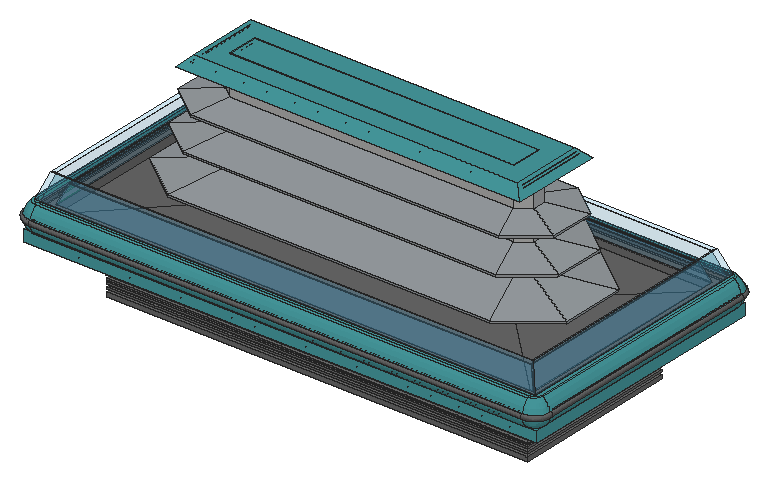
Revit family "O4ID -All - Linked Data", category Mechanical Equipment, Revit 2019
Family settings
  Round Connector Dimension = Use Radius
  Part Type = Normal
  OmniClass Number = 23.40.40.11.17
  OmniClass Title = Refrigerated Cases
  Work Plane-Based = Yes
  Always vertical = Yes
  Cut with Voids When Loaded = No
  Shared = No
  Room Calculation Point = No
Parameters (values of type "12' - 10, 12, 14, 16" Shelves - Deli")
  Width = 79 3/4"  # constant formula
  URL = "http://www.hillphoenix.com/?s=o4im"
  TOP REFRIGERATION PIPING = yes
  TOP ELECTRICAL = yes
  Standard Power Watts = 39.2 W
  Standard Power Amps = 0.34 A
  Shelf distance = 48"
  Shelf Depth = "10-16\" Shelves"
  Refgn = 8 5/8"
  RT STD END = yes
  REFRIGERATION PIPING = COPPER PIPE
  RUBBER BUMPER [instance] = none
  REAR REFRIGERATION PIPING = yes
  PAINTED METAL UPPER SHELF = PAINTED SHELVES
  PAINTED METAL INTERIOR [instance] = none
  PAINTED METAL EXTERIOR [instance] = CHARCOAL BROWN
  Number of Shelf = 3
  Model = "O4ID"  # constant formula
  Manufacturer = "HILL PHOENIX"  # constant formula
  MASTER BUMPER [instance] = none
  Lights Per Row = 6
  Light Length = "2 (1ft), 4 (3ft)"
  Length = 153 1/2"
  Legend Number = Model  # "O4ID"
  LF STD END = yes
  Keynote = ""  # constant formula
  Item Description = Description  # "O4IM - Island case"
  Island Timed-Off Termination Temp (°F) = 45 °F  # constant formula
  Island Timed-Off Fail-Safe (Min) = "45 (Min)"  # constant formula
  Island Superheat @ Bulb Set Point (°F) = "6-8 °F"  # constant formula
  Island Run-Off Time (Min) = "6-8 (Min)"  # constant formula
  Island Hot Gas Termination Temp (F°) = 45 °F  # constant formula
  Island Hot Gas Fail-Safe (Min) = "26 (Min)"  # constant formula
  Island High Efficiency Fans Watts = 56 W
  Island High Efficiency Fans Amps = 0.94 A
  Island Fans Per Case = 8
  Island Evaporator (°F) = 22 °F
  Island Electric Termination Temp (F°) = 47 °F  # constant formula
  Island Electric Fail-Safe = "30 (Min)"  # constant formula
  Island Discharge Air(°F) = 28 °F
  Island Discharge Air Velocity (FPM) = 130 FPM  # constant formula
  Island BTUH Parallel = 1826
  Island BTUH Conventional = 2023
  Island Application = "Deli"
  Island Anti-Condensate Heaters Watts = 127 W
  Island Anti-Condensate Heaters Amps = 1.06 A
  Island 240 Defrost Heaters Watts = 3200 W
  Island 240 Defrost Heaters Amps = 13.32 A
  Island 208V Defrost Heaters Watts = 2400 A
  Island 208V Defrost Heaters Amps = 11.54 A
  Island  Case Length = 144"
  How Many Defrosts Per Day = 4  # constant formula
  High Power (Cornice) Watts = 70.4 W
  High Power (Cornice) Amps = 0.58 A
  Height = 61 3/4"  # constant formula
  GLASS = Glass
  Ends = yes
  EQUIPMENT MARK = Legend Number  # "O4ID"
  EQUIPMENT DESCRIPTION = Item Description  # "O4IM - Island case"
  Description = "O4IM - Island case"  # constant formula
  Default Elevation = 48"
  DRAIN PIPING = yes
  DESIGNERS NAME = "SHIDDRAMESH"  # constant formula
  DATE = "03/30/2016"  # constant formula
  Certifications = "NSF 7, UL471, CSA"  # constant formula
  CENTER LINE = Length / 2  # 76 3/4"
  BOTTOM REFRIGERATION PIPING = yes
  BOTTOM ELECTRICAL = yes
  BASE [instance] = none
  Assembly Code = ""
  16" Shelf = yes
  12" Shelf = yes
  10" Shelf = yes
Types (12): name | Standard Power Watts | Standard Power Amps | Shelf Depth | RUBBER BUMPER | PAINTED METAL INTERIOR | MASTER BUMPER | Lights Per Row | Light Length | Length | Island High Efficiency Fans Watts | Island High Efficiency Fans Amps | Island Fans Per Case | Island Evaporator (°F) | Island Discharge Air(°F) | Island BTUH Parallel | Island BTUH Conventional | Island Application | Island Anti-Condensate Heaters Watts | Island Anti-Condensate Heaters Amps | Island 240 Defrost Heaters Watts | Island 240 Defrost Heaters Amps | Island 208V Defrost Heaters Watts | Island 208V Defrost Heaters Amps | Island  Case Length | High Power (Cornice) Watts | High Power (Cornice) Amps | CENTER LINE | BASE
  08' - 10, 12, 14, 16" Shelves - Deli | 22.6 W | 0.2 A | "10-16\" Shelves" | BLACK | GALVANIZED STEEL | BLACK | 4 | "2 (1ft), 2 (3ft)" | 105 1/2" | 42 W | 0.7 A | 6 | 22 °F | 28 °F | 1826 | 2023 | "Deli" | 80 W | 0.67 A | 2130 W | 8.88 A | 1600 A | 7.7 A | 96" | 40.6 W | 0.34 A | 52 3/4" | BLACK PAINTED METAL
  12' - 10, 12, 14, 16" Shelves - Deli | 39.2 W | 0.34 A | "10-16\" Shelves" | none | none | none | 6 | "2 (1ft), 4 (3ft)" | 153 1/2" | 56 W | 0.94 A | 8 | 22 °F | 28 °F | 1826 | 2023 | "Deli" | 127 W | 1.06 A | 3200 W | 13.32 A | 2400 A | 11.54 A | 144" | 70.4 W | 0.58 A | 76 3/4" | none
  08' - 10, 12, 14, 16" Shelves - Meat | 22.6 W | 0.2 A | "Top Sill" | BLACK | GALVANIZED STEEL | BLACK | 4 | "2 (1ft), 2 (3ft)" | 105 1/2" | 42 W | 0.7 A | 0 | 17 °F | 25 °F | 1976 | 2189 | "Meat" | 80 W | 0.67 A | 2130 W | 8.88 A | 1600 A | 7.7 A | 96" | 40.6 W | 0.34 A | 52 3/4" | BLACK PAINTED METAL
  12' - 10, 12, 14, 16" Shelves - Meat | 39.2 W | 0.34 A | "Top Sill" | none | none | none | 6 | "2 (1ft), 4 (3ft)" | 153 1/2" | 56 W | 0.94 A | 0 | 17 °F | 25 °F | 1976 | 2189 | "Meat" | 127 W | 1.06 A | 3200 W | 13.32 A | 2400 A | 11.54 A | 144" | 70.4 W | 0.58 A | 76 3/4" | none
  08' - 8" Shelves - Deli | 20.8 W | 0.18 A | "8\" Shelves" | BLACK | GALVANIZED STEEL | BLACK | 4 | "2 (0.5ft), 2 (3ft)" | 105 1/2" | 42 W | 0.7 A | 6 | 22 °F | 28 °F | 1826 | 2023 | "Deli" | 80 W | 0.67 A | 2130 W | 8.88 A | 1600 A | 7.7 A | 96" | 35.5 W | 0.28 A | 52 3/4" | BLACK PAINTED METAL
  08' - Top Sill - Deli | 35.8 W | 0.3 A | "Top Sill" | BLACK | GALVANIZED STEEL | BLACK | 4 | "2 (2ft), 2 (4ft)" | 105 1/2" | 42 W | 0.7 A | 6 | 22 °F | 28 °F | 1826 | 2023 | "Deli" | 80 W | 0.67 A | 2130 W | 8.88 A | 1600 A | 7.7 A | 96" | 64.4 W | 0.54 A | 52 3/4" | BLACK PAINTED METAL
  08' - 8" Shelves - Meat | 20.8 W | 0.18 A | "8\" Shelves" | BLACK | GALVANIZED STEEL | BLACK | 4 | "2 (0.5ft), 2 (3ft)" | 105 1/2" | 42 W | 0.7 A | 0 | 17 °F | 25 °F | 1976 | 2189 | "Meat" | 80 W | 0.67 A | 2130 W | 8.88 A | 1600 A | 7.7 A | 96" | 35.5 W | 0.28 A | 52 3/4" | BLACK PAINTED METAL
  08' - Top Sill - Meat | 35.8 W | 0.3 A | "Top Sill" | BLACK | GALVANIZED STEEL | BLACK | 4 | "2 (2ft), 2 (4ft)" | 105 1/2" | 42 W | 0.7 A | 0 | 17 °F | 25 °F | 1976 | 2189 | "Meat" | 80 W | 0.67 A | 2130 W | 8.88 A | 1600 A | 7.7 A | 96" | 64.4 W | 0.54 A | 52 3/4" | BLACK PAINTED METAL
  12' - 8" Shelves - Deli | 37.4 W | 0.32 A | "8\" Shelves" | none | none | none | 6 | "2 (0.5ft), 4 (3ft)" | 153 1/2" | 56 W | 0.94 A | 0 | 22 °F | 28 °F | 1826 | 2023 | "Deli" | 127 W | 1.06 A | 3200 W | 13.32 A | 2400 A | 11.54 A | 144" | 65 W | 0.52 A | 76 3/4" | none
  12' - Top Sill - Deli | 59.6 W | 0.5 A | "Top Sill" | none | none | none | 6 | "2 (2ft), 4 (4ft)" | 153 1/2" | 56 W | 0.94 A | 8 | 22 °F | 28 °F | 1826 | 2023 | "Deli" | 127 W | 1.06 A | 3200 W | 13.32 A | 2400 A | 11.54 A | 144" | 107.4 W | 0.9 A | 76 3/4" | none
  12' - 8" Shelves - Meat | 37.4 W | 0.32 A | "8\" Shelves" | none | none | none | 6 | "2 (0.5ft), 4 (3ft)" | 153 1/2" | 56 W | 0.94 A | 8 | 17 °F | 25 °F | 1976 | 2189 | "Meat" | 127 W | 1.06 A | 3200 W | 13.32 A | 2400 A | 11.54 A | 144" | 65 W | 0.52 A | 76 3/4" | none
  12' - Top Sill - Meat | 59.6 W | 0.5 A | "Top Sill" | none | none | none | 6 | "2 (2ft), 4 (4ft)" | 153 1/2" | 56 W | 0.94 A | 0 | 17 °F | 25 °F | 1976 | 2189 | "Meat" | 127 W | 1.06 A | 3200 W | 13.32 A | 2400 A | 11.54 A | 144" | 107.4 W | 0.9 A | 76 3/4" | none
Reference planes (in)
  plane 1: z = 0.01963
  plane 2 "LEFT": x = 0
  plane 3 "CASE RIGHT": x = 153.5
  plane 4: z = 0
  plane 5: y = -15.80744
  plane 6: y = -95.55744
  plane 7: x = 76.75
  plane 8: x = 127.84375
  plane 9: y = -55.68244
  plane 10: z = 22
  plane 11: z = 22.61693
  plane 12: z = 61.6875
  plane 13: through (-240, -70.20584, 60.11088) normal (0, 0.7193, 0.6947)
  plane 14: through (-240, -91.56446, 35.77387) normal (0, 0.7193, 0.6947)
  plane 15: y = -42.43696
  plane 16: y = -68.92792
Forms (in)
  Sweep 1, solid, material "BLACK PAINTED METAL"
    path origin (0, -2.067, 0) x (1, 0, 0) y (0, 1, 0)
      loop
        line (0, -93.49044) -> (153.5, -93.49044) -> (153.5, -13.74044) -> (0, -13.74044) -> (0, -93.49044)
    profile origin (76.75, -95.55744, 0) x (0, 1, 0) y (0, 0, 1)
      loop
        line (15.43571, 1.23933) -> (15.43571, 0) -> (16.44467, 0) -> (16.44467, 5.75) -> (16.04671, 5.75) -> (16.04671, 5.41095)
        arc (16.04671, 5.41095) -> (15.90122, 5.05836) -> (15.54942, 4.91096) r 0.5
        line (15.54942, 4.91096) -> (15.54942, 4.41096) -> (15.62792, 4.41096) -> (16.04671, 4.49092) -> (15.90934, 4.05633)
        arc (15.90934, 4.05633) -> (15.77966, 3.82434) -> (15.54942, 3.69157) r 0.5
        line (15.54942, 3.69157) -> (15.54942, 3.19157) -> (15.62792, 3.19157) -> (16.04671, 3.27653) -> (15.90934, 2.83695)
        arc (15.90934, 2.83695) -> (15.77966, 2.60496) -> (15.54942, 2.47219) r 0.5
        line (15.54942, 2.47219) -> (15.54942, 1.97219) -> (15.62792, 1.97219) -> (16.04671, 2.05715) -> (15.90934, 1.61757)
        arc (15.90934, 1.61757) -> (15.74908, 1.33259) -> (15.43571, 1.23933) r 0.43569
  Sweep 2, solid, material "BLACK PAINTED METAL"
    path origin (0, -2.067, 0) x (1, 0, 0) y (0, 1, 0)
      loop
        line (0, -93.49044) -> (153.5, -93.49044) -> (153.5, -13.74044) -> (0, -13.74044) -> (0, -93.49044)
    profile origin (76.75, -95.55744, 0) x (0, 1, 0) y (0, 0, 1)
      loop
        line (4.73876, 20.85375) -> (3.22926, 20.85375) -> (3.22926, 16.11151) -> (11.9574, 10) -> (22.87552, 10) -> (22.87552, 12.44138) -> (11.1501, 12.86578) -> (4.73876, 17.35505) -> (4.73876, 20.85375)
  Sweep 3, solid, material "CHARCOAL BROWN" <- "PAINTED METAL EXTERIOR"
    path origin (0, -2.067, 0) x (1, 0, 0) y (0, 1, 0)
      loop
        line (5.06052, -91.42992) -> (148.43948, -91.42992)
        arc (148.43948, -91.42992) -> (150.5608, -90.55124) -> (151.43948, -88.42992) r 3
        line (151.43948, -88.42992) -> (151.43948, -18.80096)
        arc (151.43948, -18.80096) -> (150.5608, -16.67964) -> (148.43948, -15.80096) r 3
        line (148.43948, -15.80096) -> (5.06052, -15.80096)
        arc (5.06052, -15.80096) -> (2.9392, -16.67964) -> (2.06052, -18.80096) r 3
        line (2.06052, -18.80096) -> (2.06052, -88.42992)
        arc (2.06052, -88.42992) -> (2.9392, -90.55124) -> (5.06052, -91.42992) r 3
    profile origin (76.75, -93.49692, 0) x (0, 1, 0) y (0, 0, 1)
      loop
        arc (0.97698, 26.16561) -> (0.74892, 26.12252) -> (0.55232, 25.99918) r 0.625
        arc (0.55232, 25.99918) -> (-0.68003, 24.4877) -> (-1.44756, 22.69489) r 7
        arc (-1.44756, 22.69489) -> (-0.67882, 21.99775) -> (-1.4734, 21.33019) r 0.68878
        arc (-1.4734, 21.33019) -> (-1.0581, 19.98737) -> (-0.28547, 18.8132) r 5
        arc (-0.28547, 18.8132) -> (-0.20085, 18.75074) -> (-0.09802, 18.72861) r 0.25
        line (-0.09802, 18.72861) -> (1.16874, 18.72861) -> (1.16874, 20.85375) -> (1.78136, 20.85375) -> (1.78136, 26.16561) -> (0.97698, 26.16561)
  Sweep 4, solid, material "BLACK PAINTED METAL"
    path origin (0, -2.067, 0) x (1, 0, 0) y (0, 1, 0)
      loop
        arc (148.43948, -91.42992) -> (150.5608, -90.55124) -> (151.43948, -88.42992) r 3
        line (151.43948, -88.42992) -> (151.43948, -18.80096)
        arc (151.43948, -18.80096) -> (150.5608, -16.67964) -> (148.43948, -15.80096) r 3
        line (148.43948, -15.80096) -> (5.06052, -15.80096)
        arc (5.06052, -15.80096) -> (2.9392, -16.67964) -> (2.06052, -18.80096) r 3
        line (2.06052, -18.80096) -> (2.06052, -88.42992)
        arc (2.06052, -88.42992) -> (2.9392, -90.55124) -> (5.06052, -91.42992) r 3
        line (5.06052, -91.42992) -> (148.43948, -91.42992)
    profile origin (76.75, -93.49692, 0) x (0, -1, 0) y (0, 0, 1)
      loop
        arc (1.44756, 22.69489) -> (0.67882, 21.99775) -> (1.4734, 21.33019) r 0.68878
        arc (1.4734, 21.33019) -> (2.05614, 22.02382) -> (1.44756, 22.69489) r 0.68878
  Sweep 5, solid, material "BLACK PAINTED METAL"
    path origin (0, -2.067, 0) x (1, 0, 0) y (0, 1, 0)
      loop
        line (0, -93.49044) -> (153.5, -93.49044) -> (153.5, -13.74044) -> (0, -13.74044) -> (0, -93.49044)
    profile origin (76.75, -95.55744, 0) x (0, 1, 0) y (0, 0, 1)
      loop
        line (35.345, 22.96222) -> (7.35063, 22.22916) -> (7.35063, 24.51571) -> (5.27547, 24.51571) -> (4.9991, 24.62458) -> (4.9955, 25.45109)
        arc (4.9955, 25.45109) -> (4.95014, 25.57337) -> (4.83602, 25.63648) r 0.1875
        line (4.83602, 25.63648) -> (3.84188, 25.63648) -> (3.84188, 20.85375) -> (4.73876, 20.85375) -> (4.73876, 17.35505) -> (11.1501, 12.86578) -> (22.88911, 12.44089) -> (23.48284, 11.87841) -> (24.07662, 12.44093) -> (35.345, 13.01184) -> (35.345, 22.96222)
  Sweep 6, solid, material "CHARCOAL BROWN" <- "PAINTED METAL EXTERIOR"
    path origin (0, -2.067, 0) x (1, 0, 0) y (0, 1, 0)
      loop
        line (0, -93.49044) -> (153.5, -93.49044) -> (153.5, -13.74044) -> (0, -13.74044) -> (0, -93.49044)
    profile origin (76.75, -95.55744, 0) x (0, 1, 0) y (0, 0, 1)
      loop
        line (32.06587, 57.67943) -> (35.345, 57.67943) -> (35.345, 61.6875) -> (29.46697, 61.6875) -> (26.62952, 58.85005) -> (28.17323, 58.85005) -> (29.07872, 59.75554) -> (28.84058, 60.00214) -> (29.34886, 60.49298) -> (32.06587, 57.67943)
  Sweep 7, solid, material "BLACK PAINTED METAL"
    path origin (0, -2.067, 0) x (1, 0, 0) y (0, 1, 0)
      loop
        line (0, -93.49044) -> (153.5, -93.49044) -> (153.5, -13.74044) -> (0, -13.74044) -> (0, -93.49044)
    profile origin (76.75, -95.55744, 0) x (0, 1, 0) y (0, 0, 1)
      loop
        line (20.17427, 5.75) -> (20.17427, 10) -> (16.0875, 10) -> (16.0875, 9.20269) -> (15.3825, 9.20269) -> (15.3825, 5.75) -> (20.17427, 5.75)
  Sweep 8, solid, material "CHARCOAL BROWN" <- "PAINTED METAL EXTERIOR"
    path origin (0, -2.067, 0) x (1, 0, 0) y (0, 1, 0)
      loop
        line (151.43948, -91.42992) -> (151.43948, -15.80096) -> (2.06052, -15.80096) -> (2.06052, -91.42992) -> (151.43948, -91.42992)
    profile origin (76.75, -93.49692, 0) x (0, -1, 0) y (0, 0, 1)
      loop
        line (0.05002, 18.72861) -> (-1.16874, 18.72861) -> (-1.16874, 16.11151) -> (-9.47879, 10.29275) -> (-8.78236, 9.29813) -> (0.05002, 15.48263) -> (0.05002, 18.72861)
  Sweep 9, solid, material "PAINTED SHELVES" <- "PAINTED METAL UPPER SHELF", visible <- "12" Shelf"
    path origin (0, -2.067, -1.25) x (1, 0, 0) y (0, 1, 0)
      loop
        line (35.32903, -58.14544) -> (118.155, -58.14544) -> (121.655, -55.41094) -> (121.655, -51.81994) -> (118.155, -49.08544) -> (35.32903, -49.08544) -> (31.82903, -51.81994) -> (31.82903, -55.41094) -> (35.32903, -58.14544)
    profile origin (76.74201, -60.21244, -1.25) x (0, 1, 0) y (0, 0, 1)
      loop
        line (0, 40.62485) -> (0, 42.93485) -> (-11.81769, 40.85108) -> (-11.72544, 40.3279) -> (-6.73758, 41.20739) -> (-6.65076, 40.71499) -> (0, 40.62485)
  Extrusion 10, solid, material "GALVANIZED STEEL"
    sketch origin (0, -2.067, 0) x (1, 0, 0) y (0, 1, 0)
      loop
        line (35.345, -49.08544) -> (31.845, -51.81994) -> (31.845, -55.41094) -> (35.345, -58.14544) -> (118.155, -58.14544) -> (121.655, -55.41094) -> (121.655, -51.81994) -> (118.155, -49.08544) -> (35.345, -49.08544)
    from 22.96222 to 57.67943
  Extrusion 11, solid, material "CHARCOAL BROWN" <- "PAINTED METAL EXTERIOR"
    sketch origin (0, 0, 0) x (1, 0, 0) y (0, 1, 0)
      loop
        line (35.345, -51.15244) -> (35.345, -60.21244) -> (118.155, -60.21244) -> (118.155, -51.15244) -> (35.345, -51.15244)
    from 61.6875 to 57.67943
  Extrusion 12, solid, material "BLACK PAINTED METAL"
    sketch origin (0, 0, 0) x (1, 0, 0) y (0, 1, 0)
      loop
        line (16.44467, -32.25211) -> (16.44467, -79.11277) -> (137.05533, -79.11277) -> (137.05533, -32.25211) -> (16.44467, -32.25211)
    from 0.57595 to 5.75
  Sweep 13, solid, material "Glass" <- "GLASS"
    path origin (0, -2.067, 14.5) x (1, 0, 0) y (0, 1, 0)
      loop
        line (151.43948, -91.42992) -> (151.43948, -15.80096) -> (2.06052, -15.80096) -> (2.06052, -91.42992) -> (151.43948, -91.42992)
    profile origin (76.75, -93.49692, 14.5) x (0, -1, 0) y (0, 0, 1)
      loop
        line (-7.50917, 15.4188) -> (-5.29011, 9.94527) -> (-5.29011, 10.01571) -> (-5.11634, 10.01571) -> (-7.33541, 15.48925)
        arc (-7.33541, 15.48925) -> (-7.45751, 15.5409) -> (-7.50917, 15.4188) r 0.09375
  Sweep 14, solid, material "Glass" <- "GLASS"
    path origin (0, -2.067, 20.25) x (1, 0, 0) y (0, 1, 0)
      loop
        line (151.43948, -91.42992) -> (151.43948, -15.80096) -> (2.06052, -15.80096) -> (2.06052, -91.42992) -> (151.43948, -91.42992)
    profile origin (76.75, -93.49692, 20.25) x (0, -1, 0) y (0, 0, 1)
      loop
        line (-1.78136, 5.38648) -> (-1.78136, 5.91561) -> (-4.36905, 13.02523) -> (-5.36747, 12.66183) -> (-2.71946, 5.38648) -> (-1.78136, 5.38648)
  Extrusion 15, void
    sketch origin (0, 0, 0) x (1, 0, 0) y (0, 1, 0)
      loop
        circle (76.75, -39.22135) r 2
      loop
        circle (76.75, -72.19492) r 2
    from 0 to 4
  Extrusion 16, void
    sketch origin (0, 0, 0) x (1, 0, 0) y (0, 1, 0)
      loop
        circle (127.84375, -52.68438) r 2
    from 0 to 4
  Extrusion 17, solid, visible <- "BOTTOM ELECTRICAL"
    sketch origin (0, 0, 0) x (1, 0, 0) y (0, 1, 0)
      loop
        line (41.49186, -60.46832) -> (36.24186, -60.46832) -> (36.24186, -63.21832) -> (41.49186, -63.21832) -> (41.49186, -60.46832)
    from 0.57595 to 0.32595
  Extrusion 18, solid, material "COPPER PIPE" <- "REFRIGERATION PIPING", visible <- "DRAIN PIPING"
    sketch origin (0, 0, 0) x (1, 0, 0) y (0, 1, 0)
      loop
        circle (76.75, -39.22135) r 1.5
      loop
        circle (76.75, -72.19492) r 1.5
    from 0 to 4
  Extrusion 19, solid, material "COPPER PIPE" <- "REFRIGERATION PIPING", visible <- "BOTTOM REFRIGERATION PIPING"
    sketch origin (0, 0, 0) x (1, 0, 0) y (0, 1, 0)
      loop
        circle (127.84375, -51.7269) r 0.5
      loop
        circle (127.84375, -53.93058) r 0.375
    from 0 to 4
  Sweep 20, solid, material "PAINTED SHELVES" <- "PAINTED METAL UPPER SHELF", visible <- "16" Shelf"
    path origin (0, -2.067, 28.75341) x (1, 0, 0) y (0, 1, 0)
      loop
        line (35.32903, -58.14544) -> (118.155, -58.14544) -> (121.655, -55.41094) -> (121.655, -51.81994) -> (118.155, -49.08544) -> (35.32903, -49.08544) -> (31.82903, -51.81994) -> (31.82903, -55.41094) -> (35.32903, -58.14544)
    profile origin (76.74201, -60.21244, 28.75341) x (0, 1, 0) y (0, 0, 1)
      loop
        line (0, 3.70932) -> (-15.75692, 0.93095) -> (-15.66467, 0.40777) -> (-10.73957, 1.2762) -> (-10.69616, 1.02999) -> (0, 1.38129) -> (0, 3.70932)
  Sweep 21, solid, material "PAINTED SHELVES" <- "PAINTED METAL UPPER SHELF", visible <- "10" Shelf"
    path origin (0, -2.067, 5.66304) x (1, 0, 0) y (0, 1, 0)
      loop
        line (35.32903, -58.14544) -> (118.155, -58.14544) -> (121.655, -55.41094) -> (121.655, -51.81994) -> (118.155, -49.08544) -> (35.32903, -49.08544) -> (31.82903, -51.81994) -> (31.82903, -55.41094) -> (35.32903, -58.14544)
    profile origin (76.74201, -60.21244, 5.66304) x (0, 1, 0) y (0, 0, 1)
      loop
        line (0, 42.4061) -> (0, 44.7161) -> (-9.84808, 42.97962) -> (-9.75583, 42.45644) -> (-6.73758, 42.98864) -> (-6.65076, 42.49624) -> (0, 42.4061)
  Sweep 22, solid, material "CHARCOAL BROWN" <- "PAINTED METAL EXTERIOR"
    path origin (0, -2.067, -0.5) x (1, 0, 0) y (0, 1, 0)
      loop
        line (0, -93.49044) -> (153.5, -93.49044) -> (153.5, -13.74044) -> (0, -13.74044) -> (0, -93.49044)
    profile origin (76.75, -95.55744, -0.5) x (0, 1, 0) y (0, 0, 1)
      loop
        line (29.34886, 60.99298) -> (28.84058, 60.50214) -> (31.61835, 57.62568) -> (32.12662, 58.11652) -> (29.34886, 60.99298)
  Sweep 23, solid
    path origin (0, 0, 0) x (1, 0, 0) y (0, 1, 0)
      loop
        line (16.0875, -79.46994) -> (137.4125, -79.46994) -> (137.4125, -31.89494) -> (16.0875, -31.89494) -> (16.0875, -79.46994)
    profile origin (76.75, -79.46994, 0) x (0, 1, 0) y (0, 0, 1)
      loop
        line (0.35717, 5.75) -> (0.35717, 0) -> (2.6625, 0) -> (2.6625, 5.75) -> (0.35717, 5.75)
Cuts and joins
  Extrusion 15, Extrusion 16 cuts Sweep 1
  Extrusion 15, Extrusion 16 cuts Extrusion 12
Dimensions and locks (in)
  "Length": plane 2 "LEFT" to plane 3 "CASE RIGHT"
  locked: Extrusion 12 to plane 3 "CASE RIGHT" at 16.44467
  "Width": plane 5 to plane 6
  "CENTER LINE": plane 2 "LEFT" to plane 7
  locked: plane 8 to plane 3 "CASE RIGHT" at 25.65625
  locked: plane 2 "LEFT" to Extrusion 17 sketch curve at 36.24186
  plane 9 to plane 6 = 39 7/8"
  plane 9 to cut or joined group of Sweep 1, Extrusion 15, Extrusion 16 = 24.43929"
  plane 9 to Sweep 23 = 21 1/8"
  plane 4 to Sweep 2 = 10"
  plane 4 to plane 10 = 22"
  Sweep 14 to level = 33.27523"
  Extrusion 10 to Sweep 5 = 27.99437"
  Sweep 23 to Sweep 23 = 42 1/4"
  plane 11 to Sweep 6 = 35 1/16"
  plane 4 to plane 12 = 61 11/16"
  plane 13 to plane 14 = 32.27002"
  plane 15 to plane 16 = 26.49096"
  Sweep 21 to Sweep 21 = 10"
  Sweep 9 to Sweep 9 = 12"
  Sweep 20 to Sweep 20 = 16"
  aligned and locked: Extrusion 12 to Sweep 1  (x3)
Automatic sketch dimensions
  Sweep 1 sketch curve to plane 2 "LEFT" = 0"
  Sweep 1 sketch curve to plane 3 "CASE RIGHT" = 0"
  plane 6 to Sweep 1 sketch curve = 0"
  plane 5 to Sweep 1 sketch curve = 0"
  Sweep 1 sketch curve to profile plane = 0"
  profile plane to Sweep 1 sketch curve = 4.17552"
  Sweep 1 sketch curve to profile plane = 15.42376"
  Sweep 1 sketch curve to Sweep 1 sketch curve = 0"
  Sweep 1 sketch curve to Sweep 1 sketch curve = 0.01195"
  Sweep 1 sketch curve to Sweep 1 sketch curve = 0.04149"
  Sweep 1 sketch curve to Sweep 1 sketch curve = 0.12295"
  Sweep 1 sketch curve to Sweep 1 sketch curve = 0.12566"  (x2)
  Sweep 1 sketch curve to Sweep 1 sketch curve = 0.07223"
  profile plane to Sweep 1 sketch curve = 4.41096"
  Sweep 1 sketch curve to Sweep 1 sketch curve = 0.0785"  (x3)
  profile plane to Sweep 1 sketch curve = 4.05633"
  Sweep 1 sketch curve to Sweep 1 sketch curve = 0.28142"  (x2)
  profile plane to Sweep 1 sketch curve = 1.61757"
  Sweep 1 sketch curve to Sweep 1 sketch curve = 0.43215"
  profile plane to Sweep 1 sketch curve = 2.83695"
  profile plane to Sweep 1 sketch curve = 4.49092"
  Sweep 1 sketch curve to Sweep 1 sketch curve = 0.41879"  (x3)
  profile plane to Sweep 1 sketch curve = 3.27653"
  profile plane to Sweep 1 sketch curve = 2.05715"
  Sweep 1 sketch curve to Sweep 1 sketch curve = 1/2"  (x3)
  Sweep 1 sketch curve to Sweep 1 sketch curve = 1.00896"
  Sweep 1 sketch curve to Sweep 1 sketch curve = 0.37824"
  Sweep 1 sketch curve to Sweep 1 sketch curve = 0.29915"
  Sweep 1 sketch curve to Sweep 1 sketch curve = 0.23543"
  Sweep 1 sketch curve to Sweep 1 sketch curve = 0.33905"
  Sweep 2 sketch curve to plane 2 "LEFT" = 0"
  Sweep 2 sketch curve to plane 3 "CASE RIGHT" = 0"
  plane 6 to Sweep 2 sketch curve = 0"
  plane 5 to Sweep 2 sketch curve = 0"
  Sweep 2 sketch curve to profile plane = 3.22926"
  Sweep 2 sketch curve to Sweep 2 sketch curve = 1.5095"
  Sweep 2 sketch curve to Sweep 2 sketch curve = 6.41134"
  Sweep 2 sketch curve to Sweep 2 sketch curve = 0.8073"
  Sweep 2 sketch curve to Sweep 2 sketch curve = 10.91812"
  profile plane to Sweep 2 sketch curve = 10"
  Sweep 2 sketch curve to Sweep 2 sketch curve = 2.44138"
  Sweep 2 sketch curve to Sweep 2 sketch curve = 2.86578"
  Sweep 2 sketch curve to Sweep 2 sketch curve = 3.24573"
  Sweep 2 sketch curve to Sweep 2 sketch curve = 1.24354"
  Sweep 2 sketch curve to Sweep 2 sketch curve = 3.4987"
  plane 2 "LEFT" to Sweep 3 sketch curve = 2.06052"
  plane 5 to Sweep 3 sketch curve = 2.06052"
  Sweep 3 sketch curve to Sweep 3 sketch curve = 3"  (x2)
  Sweep 3 sketch curve to plane 3 "CASE RIGHT" = 5.06052"  (x2)
  Sweep 3 sketch curve to plane 3 "CASE RIGHT" = 2.06052"
  Sweep 3 sketch curve to plane 6 = 5.06052"
  profile plane to Sweep 3 sketch curve = 1.36748"
  profile plane to Sweep 3 sketch curve = 0.09802"
  Sweep 3 sketch curve to profile plane = 0.97698"
  Sweep 3 sketch curve to profile plane = 1.16874"
  Sweep 3 sketch curve to Sweep 3 sketch curve = 0.61262"
  Sweep 3 sketch curve to Sweep 3 sketch curve = 1.68224"
  Sweep 3 sketch curve to Sweep 3 sketch curve = 1.84493"
  profile plane to Sweep 3 sketch curve = 18.72861"
  Sweep 3 sketch curve to Sweep 3 sketch curve = 1/4"
  Sweep 3 sketch curve to Sweep 3 sketch curve = 2.12514"
  Sweep 3 sketch curve to Sweep 3 sketch curve = 0.00944"
  Sweep 3 sketch curve to Sweep 3 sketch curve = 1.15703"
  Sweep 3 sketch curve to Sweep 3 sketch curve = 1.26769"
  Sweep 3 sketch curve to Sweep 3 sketch curve = 3.41917"
  Sweep 3 sketch curve to Sweep 3 sketch curve = 5/8"
  Sweep 3 sketch curve to Sweep 3 sketch curve = 0.08008"
  Sweep 3 sketch curve to Sweep 3 sketch curve = 0.10591"
  Sweep 3 sketch curve to Sweep 3 sketch curve = 0"
  plane 2 "LEFT" to Sweep 4 sketch curve = 2.06052"
  plane 5 to Sweep 4 sketch curve = 2.06052"
  Sweep 4 sketch curve to Sweep 4 sketch curve = 3"  (x2)
  Sweep 4 sketch curve to plane 6 = 2.06052"
  Sweep 4 sketch curve to plane 3 "CASE RIGHT" = 5.06052"  (x2)
  Sweep 4 sketch curve to plane 3 "CASE RIGHT" = 2.06052"
  Sweep 4 sketch curve to Sweep 4 sketch curve = 0"  (x2)
  Sweep 4 sketch curve to profile plane = 1.36748"
  profile plane to Sweep 4 sketch curve = 22.01078"
  Sweep 4 sketch curve to Sweep 4 sketch curve = 0.08008"
  Sweep 4 sketch curve to Sweep 4 sketch curve = 0.10591"
  Sweep 4 sketch curve to Sweep 4 sketch curve = 0.68059"
  Sweep 5 sketch curve to plane 2 "LEFT" = 0"
  Sweep 5 sketch curve to plane 3 "CASE RIGHT" = 0"
  plane 6 to Sweep 5 sketch curve = 0"
  plane 5 to Sweep 5 sketch curve = 0"
  Sweep 5 sketch curve to profile plane = 3.84188"
  Sweep 5 sketch curve to Sweep 5 sketch curve = 0.89688"
  Sweep 5 sketch curve to Sweep 5 sketch curve = 0.96612"
  Sweep 5 sketch curve to Sweep 5 sketch curve = 0.02802"
  Sweep 5 sketch curve to Sweep 5 sketch curve = 3/16"
  Sweep 5 sketch curve to Sweep 5 sketch curve = 0.0036"
  Sweep 5 sketch curve to Sweep 5 sketch curve = 0.27637"
  Sweep 5 sketch curve to Sweep 5 sketch curve = 2.07516"
  Sweep 5 sketch curve to Sweep 5 sketch curve = 6.41134"
  Sweep 5 sketch curve to Sweep 5 sketch curve = 11.73901"
  Sweep 5 sketch curve to Sweep 5 sketch curve = 19/32"
  Sweep 5 sketch curve to Sweep 5 sketch curve = 0.59378"
  profile plane to Sweep 5 sketch curve = 13.01184"
  Sweep 5 sketch curve to Sweep 5 sketch curve = 11.26838"
  profile plane to Sweep 5 sketch curve = 12.86578"
  Sweep 5 sketch curve to Sweep 5 sketch curve = 0.5709"
  Sweep 5 sketch curve to Sweep 5 sketch curve = 0.00004"
  Sweep 5 sketch curve to Sweep 5 sketch curve = 9/16"
  Sweep 5 sketch curve to Sweep 5 sketch curve = 4.48927"
  Sweep 5 sketch curve to Sweep 5 sketch curve = 3.4987"
  Sweep 5 sketch curve to Sweep 5 sketch curve = 1.37541"
  Sweep 5 sketch curve to Sweep 5 sketch curve = 9.95038"
  Sweep 5 sketch curve to Sweep 5 sketch curve = 2.28656"
  Sweep 5 sketch curve to Sweep 5 sketch curve = 0.10887"
  Sweep 5 sketch curve to Sweep 5 sketch curve = 0.82651"
  Sweep 6 sketch curve to plane 2 "LEFT" = 0"
  Sweep 6 sketch curve to plane 3 "CASE RIGHT" = 0"
  plane 6 to Sweep 6 sketch curve = 0"
  plane 5 to Sweep 6 sketch curve = 0"
  Sweep 6 sketch curve to profile plane = 26.62952"
  Sweep 6 sketch curve to Sweep 6 sketch curve = 1.54371"
  Sweep 6 sketch curve to Sweep 6 sketch curve = 0.66735"
  Sweep 6 sketch curve to Sweep 6 sketch curve = 0.23814"
  Sweep 6 sketch curve to Sweep 6 sketch curve = 0.50827"
  Sweep 6 sketch curve to Sweep 6 sketch curve = 0.11811"
  Sweep 6 sketch curve to Sweep 6 sketch curve = 2.98715"
  Sweep 6 sketch curve to Sweep 6 sketch curve = 3.27913"
  profile plane to Sweep 6 sketch curve = 57.67943"
  Sweep 6 sketch curve to Sweep 6 sketch curve = 1.17063"
  Sweep 6 sketch curve to Sweep 6 sketch curve = 0.90549"
  Sweep 6 sketch curve to Sweep 6 sketch curve = 4.00807"
  Sweep 7 sketch curve to plane 2 "LEFT" = 0"
  Sweep 7 sketch curve to plane 3 "CASE RIGHT" = 0"
  plane 6 to Sweep 7 sketch curve = 0"
  plane 5 to Sweep 7 sketch curve = 0"
  profile plane to Sweep 7 sketch curve = 5 3/4"
  Sweep 7 sketch curve to profile plane = 15.3825"
  Sweep 7 sketch curve to Sweep 7 sketch curve = 0.705"
  Sweep 7 sketch curve to Sweep 7 sketch curve = 4.79177"
  Sweep 7 sketch curve to Sweep 7 sketch curve = 3.45269"
  Sweep 7 sketch curve to Sweep 7 sketch curve = 0.79731"
  plane 2 "LEFT" to Sweep 8 sketch curve = 2.06052"
  Sweep 8 sketch curve to plane 3 "CASE RIGHT" = 2.06052"
  Sweep 8 sketch curve to plane 6 = 2.06052"
  plane 5 to Sweep 8 sketch curve = 2.06052"
  profile plane to Sweep 8 sketch curve = 9.47879"
  Sweep 8 sketch curve to Sweep 8 sketch curve = 0.69644"
  profile plane to Sweep 8 sketch curve = 1.16874"
  Sweep 8 sketch curve to profile plane = 0.05002"
  profile plane to Sweep 8 sketch curve = 9.29813"
  Sweep 8 sketch curve to Sweep 8 sketch curve = 0.99461"
  Sweep 8 sketch curve to Sweep 8 sketch curve = 2.6171"
  plane 2 "LEFT" to Sweep 9 sketch curve = 31.82903"
  Sweep 9 sketch curve to Sweep 9 sketch curve = 3 1/2"  (x3)
  Sweep 9 sketch curve to plane 8 = 9.68875"
  Sweep 9 sketch curve to Sweep 9 sketch curve = 0"
  Sweep 9 sketch curve to plane 6 = 35.345"
  Sweep 9 sketch curve to Sweep 9 sketch curve = 2.7345"  (x3)
  Sweep 9 sketch curve to Sweep 9 sketch curve = 3.591"  (x2)
  Sweep 9 sketch curve to profile plane = 0"
  profile plane to Sweep 9 sketch curve = 6.65076"
  Sweep 9 sketch curve to Sweep 9 sketch curve = 0.08682"
  Sweep 9 sketch curve to Sweep 9 sketch curve = 4.98786"
  Sweep 9 sketch curve to Sweep 9 sketch curve = 0.09225"
  profile plane to Sweep 9 sketch curve = 40.3279"
  Sweep 9 sketch curve to Sweep 9 sketch curve = 0.29695"
  Sweep 9 sketch curve to Sweep 9 sketch curve = 0.38709"
  plane 2 "LEFT" to Extrusion 10 sketch curve = 31.845"
  Extrusion 10 sketch curve to Extrusion 10 sketch curve = 3 1/2"  (x3)
  Extrusion 10 sketch curve to plane 8 = 9.68875"
  Extrusion 10 sketch curve to Extrusion 10 sketch curve = 0"
  Extrusion 10 sketch curve to plane 6 = 35.345"
  Extrusion 10 sketch curve to Extrusion 10 sketch curve = 2.7345"  (x3)
  Extrusion 10 sketch curve to Extrusion 10 sketch curve = 3.591"  (x2)
  plane 2 "LEFT" to Extrusion 11 sketch curve = 35.345"
  Extrusion 11 sketch curve to plane 8 = 9.68875"
  Extrusion 11 sketch curve to plane 6 = 35.345"
  Extrusion 11 sketch curve to Extrusion 11 sketch curve = 9.06"
  plane 2 "LEFT" to Extrusion 12 sketch curve = 16.44467"
  plane 8 to Extrusion 12 sketch curve = 9.21158"
  Extrusion 12 sketch curve to plane 6 = 16.44467"
  plane 5 to Extrusion 12 sketch curve = 16.44467"
  plane 2 "LEFT" to Sweep 13 sketch curve = 2.06052"
  Sweep 13 sketch curve to plane 3 "CASE RIGHT" = 2.06052"
  Sweep 13 sketch curve to plane 6 = 2.06052"
  plane 5 to Sweep 13 sketch curve = 2.06052"
  profile plane to Sweep 13 sketch curve = 7.50917"
  Sweep 13 sketch curve to Sweep 13 sketch curve = 0.08688"  (x2)
  profile plane to Sweep 13 sketch curve = 5.29011"
  Sweep 13 sketch curve to Sweep 13 sketch curve = 0.17376"
  profile plane to Sweep 13 sketch curve = 9.94527"
  Sweep 13 sketch curve to Sweep 13 sketch curve = 0.07045"
  Sweep 13 sketch curve to Sweep 13 sketch curve = 5.40309"
  Sweep 13 sketch curve to Sweep 13 sketch curve = 0.03522"
  plane 2 "LEFT" to Sweep 14 sketch curve = 2.06052"
  Sweep 14 sketch curve to plane 3 "CASE RIGHT" = 2.06052"
  Sweep 14 sketch curve to plane 6 = 2.06052"
  plane 5 to Sweep 14 sketch curve = 2.06052"
  profile plane to Sweep 14 sketch curve = 5.36747"
  Sweep 14 sketch curve to Sweep 14 sketch curve = 0.99842"
  profile plane to Sweep 14 sketch curve = 2.71946"
  Sweep 14 sketch curve to Sweep 14 sketch curve = 0.9381"
  profile plane to Sweep 14 sketch curve = 5.38648"
  Sweep 14 sketch curve to Sweep 14 sketch curve = 0.52913"
  Extrusion 15 sketch curve to plane 7 = 0"  (x2)
  Extrusion 15 sketch curve to plane 6 = 23.36252"
  plane 5 to Extrusion 15 sketch curve = 23.41392"
  Extrusion 16 sketch curve to plane 8 = 0"
  plane 5 to Extrusion 16 sketch curve = 36.87694"
  Extrusion 17 sketch curve to Extrusion 17 sketch curve = 5 1/4"
  Extrusion 17 sketch curve to plane 6 = 32.33912"
  Extrusion 17 sketch curve to Extrusion 17 sketch curve = 2 3/4"
  Extrusion 18 sketch curve to Extrusion 18 sketch curve = 0"  (x4)
  Extrusion 18 sketch curve to plane 7 = 0"  (x2)
  Extrusion 18 sketch curve to plane 6 = 23.36252"
  plane 5 to Extrusion 18 sketch curve = 23.41392"
  Extrusion 18 sketch curve to plane 7 = 1 1/2"  (x2)
  Extrusion 19 sketch curve to plane 8 = 0"  (x2)
  plane 5 to Extrusion 19 sketch curve = 38.12314"
  Extrusion 19 sketch curve to Extrusion 19 sketch curve = 2.20368"
  plane 2 "LEFT" to Sweep 20 sketch curve = 31.82903"
  Sweep 20 sketch curve to Sweep 20 sketch curve = 3 1/2"  (x3)
  Sweep 20 sketch curve to plane 8 = 9.68875"
  Sweep 20 sketch curve to Sweep 20 sketch curve = 0"
  Sweep 20 sketch curve to plane 6 = 35.345"
  Sweep 20 sketch curve to Sweep 20 sketch curve = 2.7345"  (x3)
  Sweep 20 sketch curve to Sweep 20 sketch curve = 3.591"  (x2)
  Sweep 20 sketch curve to profile plane = 0"
  profile plane to Sweep 20 sketch curve = 1.02999"
  profile plane to Sweep 20 sketch curve = 10.69616"
  profile plane to Sweep 20 sketch curve = 1.2762"
  Sweep 20 sketch curve to Sweep 20 sketch curve = 0.04341"
  profile plane to Sweep 20 sketch curve = 0.40777"
  profile plane to Sweep 20 sketch curve = 0.93095"
  profile plane to Sweep 20 sketch curve = 1.38129"
  plane 2 "LEFT" to Sweep 21 sketch curve = 31.82903"
  Sweep 21 sketch curve to Sweep 21 sketch curve = 3 1/2"  (x3)
  Sweep 21 sketch curve to plane 8 = 9.68875"
  Sweep 21 sketch curve to Sweep 21 sketch curve = 0"
  Sweep 21 sketch curve to plane 6 = 35.345"
  Sweep 21 sketch curve to Sweep 21 sketch curve = 2.7345"  (x3)
  Sweep 21 sketch curve to Sweep 21 sketch curve = 3.591"  (x2)
  Sweep 21 sketch curve to profile plane = 0"
  profile plane to Sweep 21 sketch curve = 6.65076"
  Sweep 21 sketch curve to Sweep 21 sketch curve = 0.08682"
  Sweep 21 sketch curve to Sweep 21 sketch curve = 3.01825"
  Sweep 21 sketch curve to Sweep 21 sketch curve = 0.09225"
  profile plane to Sweep 21 sketch curve = 42.4061"
  Sweep 21 sketch curve to Sweep 21 sketch curve = 0.05034"
  Sweep 21 sketch curve to Sweep 21 sketch curve = 0.03979"
  Sweep 22 sketch curve to plane 2 "LEFT" = 0"
  Sweep 22 sketch curve to plane 3 "CASE RIGHT" = 0"
  plane 6 to Sweep 22 sketch curve = 0"
  plane 5 to Sweep 22 sketch curve = 0"
  Sweep 22 sketch curve to profile plane = 29.34886"
  profile plane to Sweep 22 sketch curve = 60.99298"
  Sweep 22 sketch curve to Sweep 22 sketch curve = 0.50827"
  Sweep 22 sketch curve to Sweep 22 sketch curve = 2.77777"
  Sweep 22 sketch curve to Sweep 22 sketch curve = 0.49083"
  plane 8 to Sweep 23 sketch curve = 9.56875"
  Sweep 23 sketch curve to plane 6 = 16.0875"
  plane 5 to Sweep 23 sketch curve = 16.0875"
  plane 2 "LEFT" to Sweep 23 sketch curve = 16.0875"
  level to Sweep 23 sketch curve = 0"
  Sweep 23 sketch curve to profile plane = 0.35717"
  Sweep 23 sketch curve to Sweep 23 sketch curve = 2.30533"
  Sweep 23 sketch curve to Sweep 23 sketch curve = 5 3/4"
  radius of Extrusion 15 sketch curve = 2"  (x2)
  radius of Extrusion 16 sketch curve = 2"
  radius of Extrusion 19 sketch curve = 1/2"
  radius of Extrusion 19 sketch curve = 3/8"
Connectors (in)
  electrical at (37.96289, -61.76624, 0.32595)
    settings: on Extrusion 17, index 1, voltage 0 V, apparent load 0 VA, apparent load phase1 0 VA, apparent load phase2 0 VA, apparent load phase3 0 VA, power factor 1, load classification "Other", number of poles 1, system type 30, power factor state 1, is connector primary yes, connector utility no, sub classification motor no, connector description ""
  electrical at (39.96289, -61.76624, 0.32595)
    settings: on Extrusion 17, index 2, voltage 0 V, apparent load 0 VA, apparent load phase1 0 VA, apparent load phase2 0 VA, apparent load phase3 0 VA, power factor 1, load classification "Other", number of poles 1, system type 30, power factor state 1, is connector primary no, connector utility no, sub classification motor no, connector description ""
  piping at (76.75, -72.19492, 0), diameter 1.5
    settings: on Extrusion 18, index 3, connector inside diameter 1 1/2", connector length 0", flow factor 0, pipe flow 0 GPM, pressure drop 0.00 psi, fitting loss kfactor 0, connector angle 0.000°, fixture units 0, engagement length 0", angle of deflection 0.000°, flow configuration 0, flow direction 2, fitting loss method 0, system type 16, joint type 0, gender type 0, connector reference index -1, connector utility 0, adjustable connector no, is connector primary yes, connector description "SANITARY CONNECTION"
  piping at (76.75, -39.22135, 0), diameter 1.5
    settings: on Extrusion 18, index 4, connector inside diameter 1 1/2", connector length 0", flow factor 0, pipe flow 0 GPM, pressure drop 0.00 psi, fitting loss kfactor 0, connector angle 0.000°, fixture units 0, engagement length 0", angle of deflection 0.000°, flow configuration 0, flow direction 2, fitting loss method 0, system type 16, joint type 0, gender type 0, connector reference index -1, connector utility 0, adjustable connector no, is connector primary no, connector description "SANITARY CONNECTION"
  piping at (127.84375, -53.93058, 0), diameter 0.375
    settings: on Extrusion 19, index 5, connector inside diameter 3/8", connector length 0", flow factor 0, pipe flow 0 GPM, pressure drop 0.00 psi, fitting loss kfactor 0, connector angle 0.000°, fixture units 0, engagement length 0", angle of deflection 0.000°, flow configuration 0, flow direction 1, fitting loss method 0, system type 8, joint type 0, gender type 0, connector reference index -1, connector utility 0, adjustable connector no, is connector primary no, connector description "LIQUID LINE CONNECTION"
  piping at (127.84375, -51.7269, 0), diameter 0.5
    settings: on Extrusion 19, index 6, connector inside diameter 1/2", connector length 0", flow factor 0, pipe flow 0 GPM, pressure drop 0.00 psi, fitting loss kfactor 0, connector angle 0.000°, fixture units 0, engagement length 0", angle of deflection 0.000°, flow configuration 0, flow direction 2, fitting loss method 0, system type 7, joint type 0, gender type 0, connector reference index -1, connector utility 0, adjustable connector no, is connector primary no, connector description "SUCTION LINE CONNECTION"
